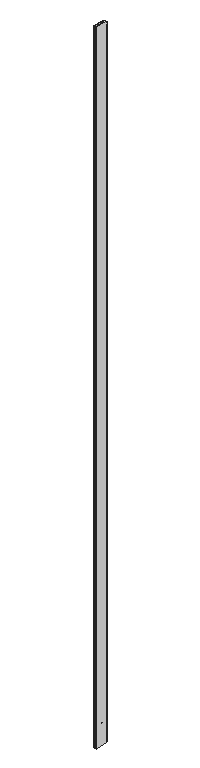
Revit family "KG111 - Continuous Hinge", category Specialty Equipment, Revit 2020
Family settings
  Round Connector Dimension = Use Diameter
  Part Type = Normal
  Work Plane-Based = No
  Always vertical = No
  Cut with Voids When Loaded = No
  Shared = No
  Room Calculation Point = No
Parameters
  WarrantyStartDate [instance] = "1900-12-31T23:59:59"
  WarrantyGuarantorParts = "sales@kingswaygroup.co.uk"
  WarrantyGuarantorLabor = "n/a"
  WarrantyDurationUnit = "year"
  WarrantyDurationParts = "5"
  WarrantyDurationLabor = "n/a"
  WarrantyDescription = "5-Year Guarantee *For faulty manufacture and not for damage"
  Version = "1"
  Uniclass2015Version = "Products v1.36"
  Uniclass2015Title = "Continuous hinges"
  Uniclass2015Code = "Pr_30_36_36_16"
  URL = "https://kingswaygroupglobal.com/"
  TagNumber [instance] = "n/a"
  SustainabilityPerformance = "n/a"
  Size = "45 x 2025 x 9 mm"
  Shape = "n/a"
  SerialNumber [instance] = "n/a"
  Revision = "n/a"
  ReplacementCost = "n/a"
  ProductInformation = "https://kingswaygroupglobal.com/product/hardware-continuous-hinge?noredirect=true"
  NominalWidth = 9 mm  # constant formula
  NominalLength = 45 mm  # constant formula
  NominalHeight = 2025 mm  # constant formula
  Name = "ContinuousHinges_ContinuousHinge_KG111_KingswayGroup"
  ModelReference = "Continuous Hinge"
  ModelNumber = "KG111"
  PlateMaterial = NBS_Concept
  Model = ModelNumber  # "KG111"
  Material = "Stainless Steel"
  ManufacturerURL = "https://kingswaygroupglobal.com/"
  ManufacturerName = "Kingsway Group"  # constant formula
  Manufacturer = ManufacturerName  # "Kingsway Group"
  InstallationDate [instance] = "1900-12-31T23:59:59"
  IfcExportType = "USERDEFINED"  # constant formula
  IfcExportAs = "IfcDiscreteAccessoryType"  # constant formula
  Grade = "n/a"
  Finish = "For full range of available finishes and colours, contact Kingsway Group"
  Features = "A stainless steel hinge that runs the full length of the door to provide maximum strength, security, and safety"
  ExpectedLife = "n/a"
  DurationUnit = "year"
  Description = "Continuous Hinge"
  Default Elevation = 0 mm
  Constituents = "n/a"
  Color = "For full range of available finishes and colours, contact Kingsway Group"
  CodePerformance = "n/a"
  Category = "Pr_30_36_36_16:Continuous hinges"
  BarCode [instance] = "n/a"
  BIMObjectName = "KingswayGroup_ContinuousHinges_ContinuousHinge"
  Author = "Kingsway Group"  # constant formula
  AssetType = "Fixed"
  AssetIdentifier [instance] = "n/a"
  AccessibilityPerformance = "n/a"
Reference planes
  plane 1 "Center (Front/Back)": y = 0
  plane 2: z = 0
  plane 3 "Center (Left/Right)": x = 0
  plane 4: z = 2025
Forms (mm)
  Extrusion 1, solid, material "NBS_Concept" <- "PlateMaterial"
    sketch origin (0, 0, 0) x (1, 0, 0) y (0, 1, 0)
      loop
        arc (0, -4.5) -> (3.182, 3.182) -> (-4.5, 0) r 4.5
        line (-4.5, 0) -> (-4.5, -40) -> (-2, -40) -> (-2, -4.5) -> (0, -4.5)
    from 0 to 2025
  Extrusion 2, solid, material "NBS_Concept" <- "PlateMaterial"
    sketch origin (0, 0, 0) x (1, 0, 0) y (0, 1, 0)
      loop
        arc (4.5, 0) -> (3.824, -2.372) -> (2, -4.031) r 4.5
        line (2, -4.031) -> (2, -40) -> (4.5, -40) -> (4.5, 0)
    from 0 to 2025
  Extrusion 3, void
    sketch origin (0, 0, 0) x (0, 1, 0) y (0, 0, 1)
      loop
        line (4.5, 2025) -> (-4.5, 2025) -> (4.5, 2016) -> (4.5, 2025)
    from -21.585 to 250
  Extrusion 4, void
    sketch origin (0, 0, 0) x (0, 1, 0) y (0, 0, 1)
      loop
        circle (-22.25, 62.5) r 2.5
      loop
        circle (-22.25, 162.5) r 2.5
      loop
        circle (-22.25, 262.5) r 2.5
      loop
        circle (-22.25, 362.5) r 2.5
      loop
        circle (-22.25, 462.5) r 2.5
      loop
        circle (-22.25, 562.5) r 2.5
      loop
        circle (-22.25, 662.5) r 2.5
      loop
        circle (-22.25, 762.5) r 2.5
      loop
        circle (-22.25, 862.5) r 2.5
      loop
        circle (-22.25, 962.5) r 2.5
      loop
        circle (-22.25, 1062.5) r 2.5
      loop
        circle (-22.25, 1162.5) r 2.5
      loop
        circle (-22.25, 1262.5) r 2.5
      loop
        circle (-22.25, 1362.5) r 2.5
      loop
        circle (-22.25, 1462.5) r 2.5
      loop
        circle (-22.25, 1562.5) r 2.5
      loop
        circle (-22.25, 1662.5) r 2.5
      loop
        circle (-22.25, 1762.5) r 2.5
      loop
        circle (-22.25, 1862.5) r 2.5
      loop
        circle (-22.25, 1962.5) r 2.5
    from -15.472 to 4.5
Cuts and joins
  Extrusion 3, Extrusion 4 cuts Extrusion 2
  Extrusion 3, Extrusion 4 cuts Extrusion 1
Dimensions and locks
  plane 4 to plane 2 = 2025 mm
  aligned and locked: level to plane 2
  aligned and locked: plane 4 to Extrusion 2
  aligned and locked: Extrusion 2 to Extrusion 1
